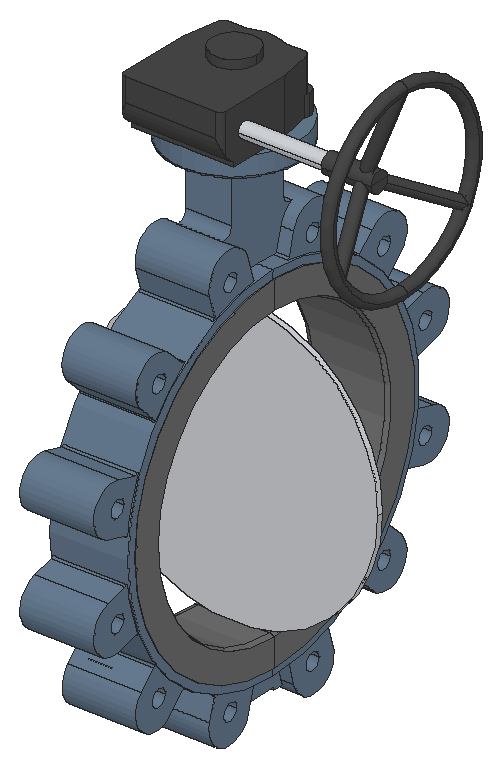
Revit family "Absperr- und Regulierklappe mit Getriebe AF-4219", category Rohrzubehör, Revit 2018 (continued)
Definition of nested family "Getriebe für Klappe DN50-DN200"
  Dimensions and locks
    "R01": radius of Extrusion 1 sketch curve
    "R03": radius of Extrusion 2 sketch curve  (x2)
    "R06": radius of Revolve 6 sketch curve
    "W01": angle Extrusion 1 sketch curve to Extrusion 1 sketch curve  (x2)
    aligned and locked: level to plane 2
  Automatic sketch dimensions
    Extrusion 3 sketch curve to level = 0 mm
    plane 1 "Mitte (Vorne/hinten)" to Extrusion 3 sketch curve = 80 mm
    Extrusion 3 sketch curve to Extrusion 3 sketch curve = 15.427 mm
    Extrusion 3 sketch curve to Extrusion 3 sketch curve = 13.173 mm
    level to Extrusion 3 sketch curve = 4.9 mm
    plane 1 "Mitte (Vorne/hinten)" to Extrusion 5 sketch curve = 0 mm
    Extrusion 5 sketch curve to plane 3 "Mitte (Links/rechts)" = 0 mm
    level to Revolve 7 sketch curve = 28.6 mm  (x2)
    plane 3 "Mitte (Links/rechts)" to Revolve 7 sketch curve = 172 mm
    level to Revolve 7 sketch curve = 26.361 mm
    Revolve 7 sketch curve to Revolve 7 sketch curve = 5.567 mm
    level to Revolve 7 sketch curve = 120.6 mm
    Revolve 7 sketch curve to Revolve 7 sketch curve = 0 mm  (x3)
    plane 3 "Mitte (Links/rechts)" to Revolve 10 sketch curve = 172 mm
    Revolve 10 sketch curve to Revolve 10 sketch curve = 5.567 mm
    Revolve 10 sketch curve to Revolve 10 sketch curve = 37 mm
    Revolve 10 sketch curve to Revolve 10 sketch curve = 2.239 mm
    Revolve 10 sketch curve to Revolve 10 sketch curve = 0 mm  (x4)
    plane 3 "Mitte (Links/rechts)" to Revolve 9 sketch curve = 172 mm
    Revolve 9 sketch curve to Revolve 9 sketch curve = 5.567 mm
    Revolve 9 sketch curve to Revolve 9 sketch curve = 37 mm
    Revolve 9 sketch curve to Revolve 9 sketch curve = 2.239 mm
    Revolve 9 sketch curve to Revolve 9 sketch curve = 0 mm  (x4)
    Extrusion 1 sketch curve to plane 3 "Mitte (Links/rechts)" = 0 mm
    plane 1 "Mitte (Vorne/hinten)" to Extrusion 1 sketch curve = 0 mm  (x2)
    Extrusion 1 sketch curve to plane 1 "Mitte (Vorne/hinten)" = 35.392 mm
    Extrusion 1 sketch curve to Extrusion 1 sketch curve = 18.48 mm  (x2)
    Extrusion 2 sketch curve to plane 3 "Mitte (Links/rechts)" = 35.7 mm
    plane 3 "Mitte (Links/rechts)" to Extrusion 2 sketch curve = 35.7 mm
    Revolve 4 sketch curve to plane 3 "Mitte (Links/rechts)" = 0 mm  (x2)
    Revolve 4 sketch curve to Revolve 4 sketch curve = 0 mm  (x2)
    Revolve 6 sketch curve to plane 3 "Mitte (Links/rechts)" = 1506.53 mm
    Revolve 6 sketch curve to Revolve 6 sketch curve = 1630.148 mm
    Revolve 8 sketch curve to Revolve 8 sketch curve = 7.5 mm
    Revolve 8 sketch curve to Revolve 8 sketch curve = 0 mm  (x2)
    radius of Extrusion 5 sketch curve = 22.3 mm
Definition of nested family "Getriebe für Klappe DN250-DN300"
  Parameters (values of type "Getriebe für Klappe DN250-DN300")
    W01 = 11.19°  # constant formula
    URL = "www.herz-armaturen.at"
    R07 = 92 mm  # constant formula
    R06 = 6 mm  # constant formula
    R05 = 10 mm  # constant formula
    R04 = 7.5 mm  # constant formula
    R03 = 10.5 mm  # constant formula
    R02 = 5.4 mm  # constant formula
    R01 = 44.9 mm  # constant formula
    M01 = 37 mm  # constant formula
    L03 = 52 mm  # constant formula
    L02 = 39.6 mm  # constant formula
    L01 = 80 mm  # constant formula
    Manufacturer = "Herz-Armaturen GmbH"  # constant formula
    H03 = 28.6 mm  # constant formula
    H02 = 20 mm  # constant formula
    H01 = 54 mm  # constant formula
    B05 = 209 mm  # constant formula
    B04 = 22 mm  # constant formula
    B03 = 50 mm  # constant formula
    B02 = 159 mm  # constant formula
    B01 = 51 mm  # constant formula
    A01 = 28.6 mm  # constant formula
  Reference planes
    plane 1 "Mitte (Vorne/hinten)": y = 0
    plane 2: z = 0
    plane 3 "Mitte (Links/rechts)": x = 0
  Forms (mm)
    Extrusion 1, solid, detail levels fine
      sketch origin (0, 0, 0) x (1, 0, 0) y (0, 1, 0)
        loop
          line (51, 0) -> (43.999, 35.392)
          arc (43.999, 35.392) -> (42.103, 38.419) -> (38.732, 39.6) r 5.4
          line (38.732, 39.6) -> (20.252, 39.6)
          arc (20.252, 39.6) -> (0, 44.427) -> (-20.252, 39.6) r 44.9
          line (-20.252, 39.6) -> (-38.732, 39.6)
          arc (-38.732, 39.6) -> (-42.103, 38.419) -> (-43.999, 35.392) r 5.4
          line (-43.999, 35.392) -> (-51, 0) -> (-51, -74.6)
          arc (-51, -74.6) -> (-49.418, -78.418) -> (-45.6, -80) r 5.4
          line (-45.6, -80) -> (45.6, -80)
          arc (45.6, -80) -> (49.418, -78.418) -> (51, -74.6) r 5.4
          line (51, -74.6) -> (51, 0)
      from 0 to 54
    Extrusion 2, solid, detail levels fine
      sketch origin (0, 0, 0) x (1, 0, 0) y (0, 1, 0)
        loop
          circle (-35.7, 37) r 10.5
        loop
          circle (35.7, 37) r 10.5
      from 0 to 20
    Extrusion 3, void
      sketch origin (0, 0, 0) x (0, 1, 0) y (0, 0, 1)
        loop
          line (-80, 0) -> (-64.573, 0) -> (-64.573, 4.9)
          arc (-64.573, 4.9) -> (-75.841, 15.433) -> (-80, 30.286) r 28.6
          line (-80, 30.286) -> (-80, 0)
      from -51 to 51
    Revolve 4, solid, detail levels fine
      sketch origin (0, 0, 28.6) x (1, 0, 0) y (0, 1, 0)
        loop
          line (0, -52) -> (0, -59.5) -> (159, -59.5) -> (159, -52) -> (0, -52)
        axis (0, -52) -> (159, -52)
      angle from 0 to 360
    Extrusion 5, solid, detail levels fine
      sketch origin (0, 0, 0) x (1, 0, 0) y (0, 1, 0)
        loop
          circle (0, 0) r 22.3
      from 54 to 62.5
    Revolve 6, solid, detail levels fine
      sketch origin (0, -52, 28.6) x (1, 0, 0) y (0, 0, 1)
        loop
          circle (209, 92) r 6
        axis (203, 0) -> (215, 0)
      angle from 0 to 360
    Revolve 7, solid, detail levels fine
      sketch origin (0, -52, 0) x (1, 0, 0) y (0, 0, 1)
        loop
          line (209, 120.6) -> (172, 28.6) -> (177.567, 26.361) -> (214.567, 118.361) -> (209, 120.6)
        axis (172, 28.6) -> (209, 120.6)
      angle from 0 to 360
    Revolve 8, solid, detail levels fine
      sketch origin (0, 0, 28.6) x (1, 0, 0) y (0, 1, 0)
        loop
          line (137, -59.5) -> (137, -62) -> (187, -62) -> (187, -52) -> (159, -52) -> (159, -59.5) -> (137, -59.5)
        axis (137, -52) -> (187, -52)
      angle from 0 to 360
    Revolve 9, solid, detail levels fine
      sketch origin (0, -27.232, 42.9) x (1, 0, 0) y (0, -0.866025, -0.5)
        loop
          line (209, 120.6) -> (172, 28.6) -> (177.567, 26.361) -> (214.567, 118.361) -> (209, 120.6)
        axis (172, 28.6) -> (209, 120.6)
      angle from 0 to 360
    Revolve 10, solid, detail levels fine
      sketch origin (0, -76.768, 42.9) x (1, 0, 0) y (0, 0.866025, -0.5)
        loop
          line (209, 120.6) -> (172, 28.6) -> (177.567, 26.361) -> (214.567, 118.361) -> (209, 120.6)
        axis (172, 28.6) -> (209, 120.6)
      angle from 0 to 360
  Cuts and joins
    Extrusion 3 cuts Extrusion 1
  Dimensions and locks
    "B01": Extrusion 1 sketch curve to plane 3 "Mitte (Links/rechts)"
    "B01": plane 3 "Mitte (Links/rechts)" to Extrusion 1 sketch curve
    "L02": plane 1 "Mitte (Vorne/hinten)" to Extrusion 1 sketch curve  (x2)
    "L01": Extrusion 1 sketch curve to plane 1 "Mitte (Vorne/hinten)"
    "M01": plane 1 "Mitte (Vorne/hinten)" to Extrusion 2 sketch curve  (x2)
    "H01": Extrusion 1 to plane 2
    "H02": Extrusion 2 to plane 2
    "L03": Revolve 4 sketch curve to plane 1 "Mitte (Vorne/hinten)"
    "R04": Revolve 4 sketch curve to Revolve 4 sketch curve
    "B02": Revolve 4 sketch curve to Revolve 4 sketch curve
    "H03": Revolve 8 to plane 2
    "H03": Revolve 4 to plane 2
    "L03": Revolve 8 sketch curve to plane 1 "Mitte (Vorne/hinten)"
    "B02": plane 3 "Mitte (Links/rechts)" to Revolve 8 sketch curve
    "R05": Revolve 8 sketch curve to Revolve 8 sketch curve
    "B03": Revolve 8 sketch curve to Revolve 8 sketch curve
    "B04": Revolve 8 sketch curve to Revolve 8 sketch curve
    "R04": Revolve 8 sketch curve to Revolve 8 sketch curve
    "B05": Revolve 6 sketch curve to plane 3 "Mitte (Links/rechts)"
    "R07": Revolve 6 sketch curve to Revolve 6 sketch curve
    "A01": plane 2 to Revolve 6 sketch curve
    "R02": radius of Extrusion 1 sketch curve  (x4)
    "R01": radius of Extrusion 1 sketch curve
    "R03": radius of Extrusion 2 sketch curve  (x2)
    "R06": radius of Revolve 6 sketch curve
    "W01": angle Extrusion 1 sketch curve to Extrusion 1 sketch curve  (x2)
    aligned and locked: level to plane 2
  Automatic sketch dimensions
    Extrusion 3 sketch curve to level = 0 mm
    plane 1 "Mitte (Vorne/hinten)" to Extrusion 3 sketch curve = 80 mm
    Extrusion 3 sketch curve to Extrusion 3 sketch curve = 15.427 mm
    Extrusion 3 sketch curve to Extrusion 3 sketch curve = 13.173 mm
    level to Extrusion 3 sketch curve = 4.9 mm
    plane 1 "Mitte (Vorne/hinten)" to Extrusion 5 sketch curve = 0 mm
    Extrusion 5 sketch curve to plane 3 "Mitte (Links/rechts)" = 0 mm
    level to Revolve 7 sketch curve = 28.6 mm  (x2)
    plane 3 "Mitte (Links/rechts)" to Revolve 7 sketch curve = 172 mm
    level to Revolve 7 sketch curve = 26.361 mm
    Revolve 7 sketch curve to Revolve 7 sketch curve = 5.567 mm
    level to Revolve 7 sketch curve = 120.6 mm
    Revolve 7 sketch curve to Revolve 7 sketch curve = 0 mm  (x3)
    plane 3 "Mitte (Links/rechts)" to Revolve 10 sketch curve = 172 mm
    Revolve 10 sketch curve to Revolve 10 sketch curve = 5.567 mm
    Revolve 10 sketch curve to Revolve 10 sketch curve = 37 mm
    Revolve 10 sketch curve to Revolve 10 sketch curve = 2.239 mm
    Revolve 10 sketch curve to Revolve 10 sketch curve = 0 mm  (x4)
    plane 3 "Mitte (Links/rechts)" to Revolve 9 sketch curve = 172 mm
    Revolve 9 sketch curve to Revolve 9 sketch curve = 5.567 mm
    Revolve 9 sketch curve to Revolve 9 sketch curve = 37 mm
    Revolve 9 sketch curve to Revolve 9 sketch curve = 2.239 mm
    Revolve 9 sketch curve to Revolve 9 sketch curve = 0 mm  (x4)
    Extrusion 1 sketch curve to plane 3 "Mitte (Links/rechts)" = 0 mm
    plane 1 "Mitte (Vorne/hinten)" to Extrusion 1 sketch curve = 0 mm  (x2)
    Extrusion 1 sketch curve to plane 1 "Mitte (Vorne/hinten)" = 35.392 mm
    Extrusion 1 sketch curve to Extrusion 1 sketch curve = 18.48 mm  (x2)
    Extrusion 2 sketch curve to plane 3 "Mitte (Links/rechts)" = 35.7 mm
    plane 3 "Mitte (Links/rechts)" to Extrusion 2 sketch curve = 35.7 mm
    Revolve 4 sketch curve to plane 3 "Mitte (Links/rechts)" = 0 mm  (x2)
    Revolve 4 sketch curve to Revolve 4 sketch curve = 0 mm  (x2)
    Revolve 6 sketch curve to plane 3 "Mitte (Links/rechts)" = 1506.53 mm
    Revolve 6 sketch curve to Revolve 6 sketch curve = 1630.148 mm
    Revolve 8 sketch curve to Revolve 8 sketch curve = 7.5 mm
    Revolve 8 sketch curve to Revolve 8 sketch curve = 0 mm  (x2)
    radius of Extrusion 5 sketch curve = 22.3 mm
